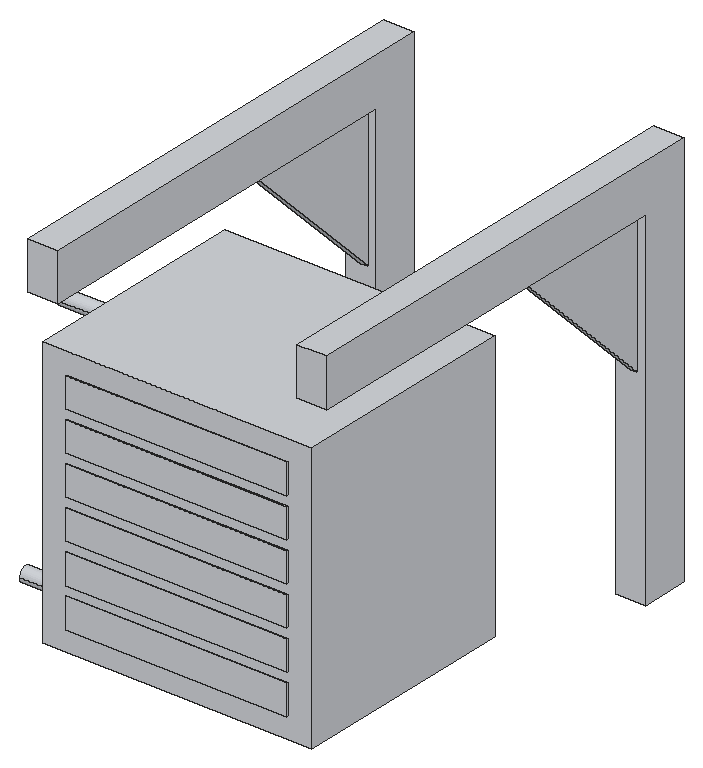
Revit family "Mark Tanner MDA verwarmer wandmontage", category Mechanical Equipment, Revit 2017
Family settings
  Round Connector Dimension = Use Diameter
  Part Type = Normal
  OmniClass Number = 23.75.00.00
  OmniClass Title = Climate Control (HVAC)
  Work Plane-Based = No
  Always vertical = Yes
  Cut with Voids When Loaded = No
  Shared = No
  Room Calculation Point = No
Parameters (values of type "TYPE CATALOG")
  voltage = 0 V
  vermogen = 0 W
  schijnbaar_vermogen = voltage * nominale stroom  # 0 VA
  nominale stroom = 0 A
  lengte = l1  # 450 mm
  l2 = 450 mm
  l1 = h1  # 450 mm
  hoogte = h1  # 450 mm
  h1 = 450 mm
  gewicht = ""
  elektrisch_vermogen = 0 W
  debiet = 0.0 m³/h
  con 1_RN = con 1_DN / 2  # 12.5 mm
  con 1_DN = 25 mm
  breedte = b1  # 380 mm
  b1 = 380 mm
  artikelnummer = ""
  aantal_polen = 1
  URL = "http://www.mark.nl/producten/"
  Type Comments = "MDA 121, 2 rijige wisselaar, 1 fase 230V fan, ,waterzijdige aansluiting 1"
  Model = "MDA 100"
  Manufacturer = "Mark"  # constant formula
Reference planes
  plane 1 "Center (Front/Back)": y = 0
  plane 2: z = 0
  plane 3 "Center (Left/Right)": x = 0
  plane 4: x = -225
  plane 5: x = 225
  plane 6: y = -744
  plane 7: z = -145
Lines and regions (mm)
  reference lines
    curve 1: line (0, 0, 0) -> (0, -744, 0)
Dimensions and locks
  equal spacing: plane 4, plane 3 "Center (Left/Right)", plane 5
  "l1": plane 4 to plane 5
  plane 2 to plane 7 = 145 mm
  locked: curve 1 to curve 1 at 744
  aligned and locked: level to plane 2
  aligned and locked: plane 1 "Center (Front/Back)" to curve 1
  aligned and locked: plane 2 to curve 1
Nested families
  nested 1: "Wand console" at (0, 0, 0), l1 <- "l2", type "Wand console"
    with l1 450 mm
  nested 2: "Verwarmer" at (0, -744, -145), b1 <- "b1", h1 <- "h1", l1 <- "l1", r1 <- "con 1_RN", type "MDA 100"
    with r1 12.5 mm, l1 450 mm, h1 450 mm, b1 380 mm, b 370 mm, aantal 6, a 380 mm
Connectors
  piping at (-317, -584, -180.5), diameter 25, driven by "con 1_DN"
    settings: on nested 2, index 1, connector inside diameter 609.6 mm, connector length 0 mm, flow factor 0, pipe flow 0.0 L/s, pressure drop 0.0 Pa, fitting loss kfactor 0, connector angle 0.00°, fixture units 0, engagement length 0 mm, angle of deflection 0.00°, flow configuration 0, flow direction 2, fitting loss method 0, system type 8, joint type 0, gender type 0, connector reference index -1, connector utility 0, adjustable connector no, is connector primary yes, connector description "retour"
  piping at (-317, -664, -559.5), diameter 25, driven by "con 1_DN"
    settings: on nested 2, index 2, connector inside diameter 609.6 mm, connector length 0 mm, flow factor 0, pipe flow 0.0 L/s, pressure drop 0.0 Pa, fitting loss kfactor 0, connector angle 0.00°, fixture units 0, engagement length 0 mm, angle of deflection 0.00°, flow configuration 0, flow direction 1, fitting loss method 0, system type 7, joint type 0, gender type 0, connector reference index -1, connector utility 0, adjustable connector no, is connector primary no, connector description "aanvoer"
  electrical at (0, -554, -145), driven by "aantal_polen", driven by "voltage", driven by "schijnbaar_vermogen"
    settings: on nested 2, index 3, voltage 0 V, apparent load 0 VA, apparent load phase1 0 VA, apparent load phase2 0 VA, apparent load phase3 0 VA, power factor 1, load classification "Other", number of poles 1, system type 30, power factor state 1, is connector primary yes, connector utility no, sub classification motor no, connector description ""
Definition of nested family "Wand console"
  Parameters (values of type "Family2")
    l1 [instance] = 1000 mm
    artikelnummer = "5064050"  # constant formula
    URL = "http://www.mark.nl/producten/"
    Manufacturer = "Mark"  # constant formula
    Description = "wand console"  # constant formula
  Reference planes
    plane 1 "Center (Front/Back)": y = 0
    plane 2: z = 0
    plane 3 "Center (Left/Right)": x = 0
    plane 4: x = -500
    plane 5: x = 500
  Forms (mm)
    Sweep 1, solid
      path origin (-500, 364.325, 1200) x (0, 1, 0) y (0, 0, 1)
        loop
          line (-364.325, -1864) -> (-364.325, -1200) -> (-1108.325, -1200)
      profile origin (-500, 0, -332) x (0, -1, 0) y (1, 0, 0)
        loop
          line (0, 25) -> (0, -25) -> (80, -25) -> (80, 25) -> (0, 25)
    Sweep 2, solid
      path origin (500, 364.325, 1200) x (0, 1, 0) y (0, 0, 1)
        loop
          line (-364.325, -1864) -> (-364.325, -1200) -> (-1108.325, -1200)
      profile origin (500, 0, -332) x (0, -1, 0) y (1, 0, 0)
        loop
          line (0, 25) -> (0, -25) -> (80, -25) -> (80, 25) -> (0, 25)
    Extrusion 3, solid
      sketch origin (-500, 364.325, 1200) x (0, 1, 0) y (0, 0, 1)
        loop
          line (-444.325, -1280) -> (-684.325, -1280) -> (-444.325, -1520) -> (-444.325, -1280)
      from 0 to 11.053
    Extrusion 4, solid
      sketch origin (500, 364.325, 1200) x (0, 1, 0) y (0, 0, 1)
        loop
          line (-444.325, -1280) -> (-684.325, -1280) -> (-444.325, -1520) -> (-444.325, -1280)
      from 0 to 11.053
  Dimensions and locks
    equal spacing: plane 4, plane 3 "Center (Left/Right)", plane 5
    "l1": plane 4 to plane 5
    equal spacing: Sweep 1 sketch curve, plane 4, Sweep 1 sketch curve
    locked: Sweep 1 sketch curve to Sweep 1 sketch curve at 50
    locked: Sweep 2 sketch curve to Sweep 2 sketch curve at 50
    equal spacing: Sweep 2 sketch curve, plane 5, Sweep 2 sketch curve
    aligned and locked: level to plane 2
  Automatic sketch dimensions
    Sweep 1 sketch curve to level = 0 mm
    Sweep 1 sketch curve to plane 1 "Center (Front/Back)" = 0 mm
    plane 1 "Center (Front/Back)" to Sweep 1 sketch curve = 744 mm
    Sweep 1 sketch curve to level = 664 mm
    Sweep 1 sketch curve to profile plane = 0 mm
    Sweep 1 sketch curve to Sweep 1 sketch curve = 80 mm
    Sweep 2 sketch curve to level = 0 mm
    Sweep 2 sketch curve to plane 1 "Center (Front/Back)" = 0 mm
    Sweep 2 sketch curve to Sweep 2 sketch curve = 744 mm
    Sweep 2 sketch curve to level = 664 mm
    Sweep 2 sketch curve to profile plane = 0 mm
    Sweep 2 sketch curve to Sweep 2 sketch curve = 80 mm
    Extrusion 3 sketch curve to level = 80 mm
    plane 1 "Center (Front/Back)" to Extrusion 3 sketch curve = 320 mm
    plane 1 "Center (Front/Back)" to Extrusion 3 sketch curve = 80 mm
    Extrusion 3 sketch curve to Extrusion 3 sketch curve = 240 mm
    Extrusion 4 sketch curve to level = 80 mm
    plane 1 "Center (Front/Back)" to Extrusion 4 sketch curve = 320 mm
    plane 1 "Center (Front/Back)" to Extrusion 4 sketch curve = 80 mm
    Extrusion 4 sketch curve to Extrusion 4 sketch curve = 240 mm
Definition of nested family "Verwarmer"
  Parameters (values of type "MDA 100")
    r1 [instance] = 12.5 mm
    l1 [instance] = 450 mm
    h1 [instance] = 450 mm
    b1 [instance] = 380 mm
    b [instance] = l1 - 80 mm  # 370 mm
    aantal [instance] = a / 60 mm  # 6
    a [instance] = h1 - 70 mm  # 380 mm
    Default Elevation = 1219.2 mm
  Reference planes
    plane 1 "Center (Front/Back)": y = 0
    plane 2: z = 0
    plane 3 "Center (Left/Right)": x = 0
    plane 4: x = -225
    plane 5: x = 225
    plane 6: y = 0
    plane 7: y = 380
    plane 8: z = 0
    plane 9: z = -35.5
    plane 10: z = -414.5
    plane 11: y = 160
    plane 12: y = 80
    plane 13: z = -450
    plane 14: x = 185
    plane 15: x = -185
    plane 16: z = -225
  Forms (mm)
    Extrusion 1, solid
      sketch origin (554.392, 0, 0) x (1, 0, 0) y (0, 1, 0)
        loop
          line (-779.392, 380) -> (-779.392, 0) -> (-329.392, 0) -> (-329.392, 380) -> (-779.392, 380)
      from -450 to 0
    Sweep 2, solid
      path origin (0, 0, 0) x (1, 0, 0) y (0, 1, 0)
        loop
          line (-317, 80) -> (-225, 80)
      profile origin (-271, 80, 0) x (0, 1, 0) y (0, 0, 1)
        loop
          circle (0, -414.5) r 12.5
    Sweep 3, solid
      path origin (-1340.061, -1524, -35.5) x (-1, 0, 0) y (0, -1, 0)
        loop
          line (-1023.061, -1684) -> (-1115.061, -1684)
      profile origin (-271, 160, -35.5) x (0, 1, 0) y (0, 0, 1)
        loop
          circle (0, 0) r 12.5
  Dimensions and locks
    "b1": plane 6 to plane 7
    "l1": plane 4 to plane 5
    equal spacing: plane 4, plane 3 "Center (Left/Right)", plane 5
    locked: plane 6 to plane 12 at 80
    locked: plane 11 to plane 6 at 160
    locked: Sweep 2 sketch curve to Sweep 2 sketch curve at 92
    "h1": plane 8 to plane 13
    locked: plane 10 to plane 13 at 35.5
    locked: plane 8 to plane 9 at 35.5
    equal spacing: plane 14, plane 3 "Center (Left/Right)", plane 15
    "b": plane 14 to plane 15
    equal spacing: group 1, group 3, group 4, group 5, group 6, group 2  (x2)
    equal spacing: group 2, group 6, group 5, group 4, group 3, group 1
    "a": plane 9 to nested 2
    equal spacing: plane 8, plane 16, plane 13
    "r1": radius of Sweep 2 sketch curve
    "r1": radius of Sweep 3 sketch curve
    aligned and locked: level to plane 2
    aligned and locked: plane 7 to Extrusion 1 sketch curve
    aligned and locked: Extrusion 1 sketch curve to plane 5
    aligned and locked: plane 6 to Extrusion 1 sketch curve
    aligned and locked: plane 4 to Extrusion 1 sketch curve
    aligned and locked: plane 8 to Extrusion 1
    aligned and locked: plane 12 to Sweep 2 sketch curve
    aligned and locked: Sweep 3 sketch curve to plane 11
    aligned and locked: plane 4 to Sweep 3 sketch curve
    aligned and locked: Sweep 2 to Sweep 3 sketch curve
    aligned and locked: plane 9 to Sweep 3 sketch curve
    aligned and locked: plane 10 to Sweep 2 sketch curve
    aligned and locked: Extrusion 1 to plane 13
  Automatic sketch dimensions
    plane 4 to Sweep 2 sketch curve = 0 mm
    Sweep 2 sketch curve to profile plane = 0 mm
    Sweep 3 sketch curve to profile plane = 0 mm
  Nested families
    nested 1: "Family4" at (0, 0, -35.5), a <- "b", type "Family4"
      with a 370 mm
    nested 2: "Family4" at (0, 0, -365.5), a <- "b", type "Family4"
      with a 370 mm
    nested 3: "Family4" at (0, 0, -101.5), a <- "b", type "Family4"
      with a 370 mm
    nested 4: "Family4" at (0, 0, -167.5), a <- "b", type "Family4"
      with a 370 mm
    nested 5: "Family4" at (0, 0, -233.5), a <- "b", type "Family4"
      with a 370 mm
    nested 6: "Family4" at (0, 0, -299.5), a <- "b", type "Family4"
      with a 370 mm
  Definition of nested family "Family4"
    Parameters (values of type "Family4")
      a [instance] = 304.784 mm
    Reference planes
      plane 1 "Center (Front/Back)": y = 0
      plane 2: z = 0
      plane 3 "Center (Left/Right)": x = 0
    Forms (mm)
      Extrusion 1, solid
        sketch origin (0, 0, 0) x (1, 0, 0) y (0, 0, 1)
          loop
            line (-152.392, 0) -> (-152.392, -50) -> (152.392, -50) -> (152.392, 0) -> (-152.392, 0)
        from -1 to 2
    Dimensions and locks
      "a": Extrusion 1 sketch curve to Extrusion 1 sketch curve
      equal spacing: Extrusion 1 sketch curve, plane 3 "Center (Left/Right)", Extrusion 1 sketch curve
      Extrusion 1 sketch curve to Extrusion 1 sketch curve = 50 mm
      aligned and locked: level to plane 2
    Automatic sketch dimensions
      Extrusion 1 sketch curve to level = 0 mm
Types in the file's own list only (42): name | voltage | vermogen | schijnbaar_vermogen | nominale stroom | lengte | l2 | l1 | hoogte | h1 | gewicht | elektrisch_vermogen | debiet | con 1_RN | con 1_DN | breedte | b1 | artikelnummer | aantal_polen | URL | Type Comments | Model
  Tanner MDA 121L | 230 V | 14500 W | 108 VA | 0 A | 450 mm | 387 mm | 450 mm | 450 mm | 450 mm | "22" | 90 W | 5742.0 m³/h | 13 mm | 25 mm | 380 mm | 380 mm | "MDA 121L" | 1 | "http://www.mark.nl/luchtverwarming/watergevoed/tanner-mda/" | "MDA 121 ( 2 rijige wisselaar 1 fase 230 V fan waterzijdige aansluiting 1  laag toerental )" | "MDA 100"
  Tanner MDA 131L | 230 V | 17000 W | 108 VA | 0 A | 450 mm | 387 mm | 450 mm | 450 mm | 450 mm | "23" | 90 W | 5205.6 m³/h | 13 mm | 25 mm | 380 mm | 380 mm | "MDA 131L" | 1 | "http://www.mark.nl/luchtverwarming/watergevoed/tanner-mda/" | "MDA 131 ( 3 rijige wisselaar  1 fase 230 V fan waterzijdige aansluiting 1 laag toerental)" | "MDA 100"
  Tanner MDA 141L | 230 V | 19000 W | 108 VA | 0 A | 450 mm | 387 mm | 450 mm | 450 mm | 450 mm | "24" | 90 W | 4554.0 m³/h | 13 mm | 25 mm | 380 mm | 380 mm | "MDA 141L" | 1 | "http://www.mark.nl/luchtverwarming/watergevoed/tanner-mda/" | "MDA 131 ( 4 rijige wisselaar  1 fase 230 V fan waterzijdige aansluiting 1 laag toerental)" | "MDA 100"
  Tanner MDA 211L | 230 V | 14100 W | 117 VA | 1 A | 580 mm | 517 mm | 580 mm | 580 mm | 580 mm | "30" | 120 W | 10098.0 m³/h | 13 mm | 25 mm | 385 mm | 385 mm | "MDA 211L" | 1 | "http://www.mark.nl/luchtverwarming/watergevoed/tanner-mda/" | "MDA 211 ( 1 rijige wisselaar  1 fase 230 V fanwaterzijdige aansluiting 1 laag toerental)" | "MDA 200"
  Tanner MDA 221L | 230 V | 25100 W | 117 VA | 1 A | 580 mm | 517 mm | 580 mm | 580 mm | 580 mm | "32" | 120 W | 9561.6 m³/h | 13 mm | 25 mm | 385 mm | 385 mm | "MDA 221L" | 1 | "http://www.mark.nl/luchtverwarming/watergevoed/tanner-mda/" | "MDA 221 ( 2 rijige wisselaar  1 fase 230 V fan waterzijdige aansluiting 1 laag toerental)" | "MDA 200"
  Tanner MDA 231L | 230 V | 30800 W | 117 VA | 1 A | 580 mm | 517 mm | 580 mm | 580 mm | 580 mm | "34" | 120 W | 8571.6 m³/h | 13 mm | 25 mm | 385 mm | 385 mm | "MDA 231L" | 1 | "http://www.mark.nl/luchtverwarming/watergevoed/tanner-mda/" | "MDA 231 ( 3 rijige wisselaar  1 fase 230 V fan waterzijdige aansluiting 1 laag toerental)" | "MDA 200"
  Tanner MDA 241L | 230 V | 33300 W | 117 VA | 1 A | 580 mm | 517 mm | 580 mm | 580 mm | 580 mm | "36" | 120 W | 8028.0 m³/h | 13 mm | 25 mm | 385 mm | 385 mm | "MDA 241L" | 1 | "http://www.mark.nl/luchtverwarming/watergevoed/tanner-mda/" | "MDA 241 ( 4 rijige wisselaar  1 fase 230 V fan waterzijdige aansluiting 1 laag toerental)" | "MDA 200"
  Tanner MDA 321L | 230 V | 52700 W | 391 VA | 2 A | 730 mm | 667 mm | 730 mm | 730 mm | 730 mm | "43" | 330 W | 23382.0 m³/h | 13 mm | 25 mm | 385 mm | 385 mm | "MDA 321L" | 1 | "http://www.mark.nl/luchtverwarming/watergevoed/tanner-mda/" | "MDA 321 ( 2 rijige wisselaar  1 fase 230 V fan waterzijdige aansluiting 1 laag toerental)" | "MDA 300"
  Tanner MDA 331L | 230 V | 65900 W | 391 VA | 2 A | 730 mm | 667 mm | 730 mm | 730 mm | 730 mm | "46" | 330 W | 21085.2 m³/h | 16 mm | 32 mm | 385 mm | 385 mm | "MDA 331L" | 1 | "http://www.mark.nl/luchtverwarming/watergevoed/tanner-mda/" | "MDA 331 ( 3 rijige wisselaar  1 fase 230 V fan waterzijdige aansluiting 11/4 laag toerental)" | "MDA 300"
  Tanner MDA 341L | 230 V | 72100 W | 391 VA | 2 A | 730 mm | 667 mm | 730 mm | 730 mm | 730 mm | "49" | 330 W | 19522.8 m³/h | 16 mm | 32 mm | 385 mm | 385 mm | "MDA 341L" | 1 | "http://www.mark.nl/luchtverwarming/watergevoed/tanner-mda/" | "MDA 341 ( 4 rijige wisselaar  1 fase 230 V fan waterzijdige aansluiting 11/4 laag toerental)" | "MDA 300"
  Tanner MDA 411L | 230 V | 42500 W | 598 VA | 3 A | 860 mm | 667 mm | 860 mm | 860 mm | 860 mm | "51" | 550 W | 37152.0 m³/h | 16 mm | 32 mm | 405 mm | 405 mm | "MDA 411L" | 1 | "http://www.mark.nl/luchtverwarming/watergevoed/tanner-mda/" | "MDA 411 ( 1 rijige wisselaar  1 fase 230 V fanwaterzijdige aansluiting 11/4 laag toerental)" | "MDA 400"
  Tanner MDA 421L | 230 V | 80000 W | 598 VA | 3 A | 860 mm | 667 mm | 860 mm | 860 mm | 860 mm | "55" | 550 W | 35758.8 m³/h | 16 mm | 32 mm | 405 mm | 405 mm | "MDA 421L" | 1 | "http://www.mark.nl/luchtverwarming/watergevoed/tanner-mda/" | "MDA 421 ( 2 rijige wisselaar  1 fase 230 V fanwaterzijdige aansluiting 11/4 laag toerental)" | "MDA 400"
  Tanner MDA 431L | 230 V | 101000 W | 598 VA | 3 A | 860 mm | 667 mm | 860 mm | 860 mm | 860 mm | "59" | 550 W | 31737.6 m³/h | 20 mm | 40 mm | 405 mm | 405 mm | "MDA 431L" | 1 | "http://www.mark.nl/luchtverwarming/watergevoed/tanner-mda/" | "MDA 431 ( 3 rijige wisselaar  1 fase 230 V fanwaterzijdige aansluiting 11/2 laag toerental)" | "MDA 400"
  Tanner MDA 441L | 230 V | 110000 W | 598 VA | 3 A | 860 mm | 667 mm | 860 mm | 860 mm | 860 mm | "63" | 550 W | 29581.2 m³/h | 20 mm | 40 mm | 405 mm | 405 mm | "MDA 441L" | 1 | "http://www.mark.nl/luchtverwarming/watergevoed/tanner-mda/" | "MDA 441 ( 4 rijige wisselaar  1 fase 230 V fanwaterzijdige aansluiting 11/2 laag toerental)" | "MDA 400"
  Tanner MDA 121H | 230 V | 18000 W | 154 VA | 1 A | 450 mm | 387 mm | 450 mm | 450 mm | 450 mm | "22" | 150 W | 8514.0 m³/h | 13 mm | 25 mm | 380 mm | 380 mm | "MDA 121H" | 1 | "http://www.mark.nl/luchtverwarming/watergevoed/tanner-mda/" | "MDA 121 ( 2 rijige wisselaar  1 fase 230 V fan waterzijdige aansluiting 1 hoog toerental)" | "MDA 100"
  Tanner MDA 131H | 230 V | 22100 W | 154 VA | 1 A | 450 mm | 387 mm | 450 mm | 450 mm | 450 mm | "23" | 150 W | 8078.4 m³/h | 13 mm | 25 mm | 380 mm | 380 mm | "MDA 131H" | 1 | "http://www.mark.nl/luchtverwarming/watergevoed/tanner-mda/" | "MDA 131 ( 3 rijige wisselaar  1 fase 230 V fan waterzijdige aansluiting 1 hoog toerental)" | "MDA 100"
  Tanner MDA 141H | 230 V | 25100 W | 154 VA | 1 A | 450 mm | 387 mm | 450 mm | 450 mm | 450 mm | "24" | 150 W | 6890.4 m³/h | 13 mm | 25 mm | 380 mm | 380 mm | "MDA 141H" | 1 | "http://www.mark.nl/luchtverwarming/watergevoed/tanner-mda/" | "MDA 131 ( 4 rijige wisselaar  1 fase 230 V fan waterzijdige aansluiting 1 hoog toerental)" | "MDA 100"
  Tanner MDA 211H | 230 V | 17200 W | 311 VA | 1 A | 580 mm | 517 mm | 580 mm | 580 mm | 580 mm | "30" | 280 W | 16020.0 m³/h | 13 mm | 25 mm | 385 mm | 385 mm | "MDA 211H" | 1 | "http://www.mark.nl/luchtverwarming/watergevoed/tanner-mda/" | "MDA 211 ( 1 rijige wisselaar  1 fase 230 V fan waterzijdige aansluiting 1 hoog toerental)" | "MDA 200"
  Tanner MDA 221H | 230 V | 32400 W | 311 VA | 1 A | 580 mm | 517 mm | 580 mm | 580 mm | 580 mm | "32" | 280 W | 15127.2 m³/h | 13 mm | 25 mm | 385 mm | 385 mm | "MDA 221H" | 1 | "http://www.mark.nl/luchtverwarming/watergevoed/tanner-mda/" | "MDA 221 ( 2 rijige wisselaar  1 fase 230 V fan waterzijdige aansluiting 1 hoog toerental)" | "MDA 200"
  Tanner MDA 231H | 230 V | 42000 W | 311 VA | 1 A | 580 mm | 517 mm | 580 mm | 580 mm | 580 mm | "34" | 280 W | 14155.2 m³/h | 13 mm | 25 mm | 385 mm | 385 mm | "MDA 231H" | 1 | "http://www.mark.nl/luchtverwarming/watergevoed/tanner-mda/" | "MDA 231 ( 3 rijige wisselaar  1 fase 230 V fan waterzijdige aansluiting 1 hoog toerental)" | "MDA 200"
  Tanner MDA 241H | 230 V | 46600 W | 311 VA | 1 A | 580 mm | 517 mm | 580 mm | 580 mm | 580 mm | "34" | 280 W | 13442.4 m³/h | 13 mm | 25 mm | 385 mm | 385 mm | "MDA 241H" | 1 | "http://www.mark.nl/luchtverwarming/watergevoed/tanner-mda/" | "MDA 241 ( 4 rijige wisselaar  1 fase 230 V fan waterzijdige aansluiting 1 hoog toerental)" | "MDA 200"
  Tanner MDA 123L | 400 V | 14500 W | 40 VA | 0 A | 450 mm | 387 mm | 450 mm | 450 mm | 450 mm | "22" | 50 W | 5742.0 m³/h | 13 mm | 25 mm | 380 mm | 380 mm | "MDA 123L" | 3 | "http://www.mark.nl/luchtverwarming/watergevoed/tanner-mda/" | "MDA 123 ( 2 rijige wisselaar  3 fase 400 V fan waterzijdige aansluiting 1 laag toerental)" | "MDA 100"
  Tanner MDA 133L | 400 V | 17000 W | 40 VA | 0 A | 450 mm | 387 mm | 450 mm | 450 mm | 450 mm | "23" | 50 W | 5205.6 m³/h | 13 mm | 25 mm | 380 mm | 380 mm | "MDA 133L" | 3 | "http://www.mark.nl/luchtverwarming/watergevoed/tanner-mda/" | "MDA 133 ( 3 rijige wisselaar  3 fase 400 V fan waterzijdige aansluiting 1 laag toerental)" | "MDA 100"
  Tanner MDA 143L | 400 V | 19000 W | 40 VA | 0 A | 450 mm | 387 mm | 450 mm | 450 mm | 450 mm | "24" | 50 W | 4554.0 m³/h | 13 mm | 25 mm | 380 mm | 380 mm | "MDA 143L" | 3 | "http://www.mark.nl/luchtverwarming/watergevoed/tanner-mda/" | "MDA 133 ( 4 rijige wisselaar  3 fase 400 V fan waterzijdige aansluiting 1 laag toerental)" | "MDA 100"
  Tanner MDA 213L | 400 V | 14800 W | 120 VA | 0 A | 580 mm | 517 mm | 580 mm | 580 mm | 580 mm | "30" | 120 W | 10980.0 m³/h | 13 mm | 25 mm | 385 mm | 385 mm | "MDA 213L" | 3 | "http://www.mark.nl/luchtverwarming/watergevoed/tanner-mda/" | "MDA 213 ( 1 rijige wisselaar  3 fase 400 V fan waterzijdige aansluiting 1 laag toerental)" | "MDA 200"
  Tanner MDA 223L | 400 V | 26200 W | 120 VA | 0 A | 580 mm | 517 mm | 580 mm | 580 mm | 580 mm | "32" | 120 W | 10314.0 m³/h | 13 mm | 25 mm | 385 mm | 385 mm | "MDA 223L" | 3 | "http://www.mark.nl/luchtverwarming/watergevoed/tanner-mda/" | "MDA 223 ( 2 rijige wisselaar  3 fase 400 V fan waterzijdige aansluiting 1 laag toerental)" | "MDA 200"
  Tanner MDA 233L | 400 V | 32400 W | 120 VA | 0 A | 580 mm | 517 mm | 580 mm | 580 mm | 580 mm | "34" | 120 W | 9266.4 m³/h | 13 mm | 25 mm | 385 mm | 385 mm | "MDA 233L" | 3 | "http://www.mark.nl/luchtverwarming/watergevoed/tanner-mda/" | "MDA 233 ( 3 rijige wisselaar  3 fase 400 V fan waterzijdige aansluiting 1 laag toerental)" | "MDA 200"
  Tanner MDA 243L | 400 V | 35100 W | 120 VA | 0 A | 580 mm | 517 mm | 580 mm | 580 mm | 580 mm | "36" | 120 W | 8690.4 m³/h | 13 mm | 25 mm | 385 mm | 385 mm | "MDA 243L" | 3 | "http://www.mark.nl/luchtverwarming/watergevoed/tanner-mda/" | "MDA 243 ( 4 rijige wisselaar  3 fase 400 V fan waterzijdige aansluiting 1 laag toerental)" | "MDA 200"
  Tanner MDA 323L | 400 V | 52700 W | 272 VA | 1 A | 730 mm | 667 mm | 730 mm | 730 mm | 730 mm | "43" | 280 W | 23382.0 m³/h | 13 mm | 25 mm | 385 mm | 385 mm | "MDA 323L" | 3 | "http://www.mark.nl/luchtverwarming/watergevoed/tanner-mda/" | "MDA 323 ( 2 rijige wisselaar  3 fase 400 V fan  waterzijdige aansluiting 1 laag toerental)" | "MDA 300"
  Tanner MDA 333L | 400 V | 65900 W | 272 VA | 1 A | 730 mm | 667 mm | 730 mm | 730 mm | 730 mm | "46" | 280 W | 21085.2 m³/h | 16 mm | 32 mm | 385 mm | 385 mm | "MDA 333L" | 3 | "http://www.mark.nl/luchtverwarming/watergevoed/tanner-mda/" | "MDA 333 ( 3 rijige wisselaar  3 fase 400 V fan  waterzijdige aansluiting 11/4 laag toerental)" | "MDA 300"
  Tanner MDA 343L | 400 V | 72100 W | 272 VA | 1 A | 730 mm | 667 mm | 730 mm | 730 mm | 730 mm | "46" | 280 W | 19522.8 m³/h | 16 mm | 32 mm | 385 mm | 385 mm | "MDA 343L" | 3 | "http://www.mark.nl/luchtverwarming/watergevoed/tanner-mda/" | "MDA 343 ( 4 rijige wisselaar  3 fase 400 V fan  waterzijdige aansluiting 11/4 laag toerental)" | "MDA 300"
  Tanner MDA 413L | 400 V | 45200 W | 620 VA | 2 A | 860 mm | 667 mm | 860 mm | 860 mm | 860 mm | "52" | 510 W | 41760.0 m³/h | 16 mm | 32 mm | 405 mm | 405 mm | "MDA 413L" | 3 | "http://www.mark.nl/luchtverwarming/watergevoed/tanner-mda/" | "MDA 413 ( 1 rijige wisselaar  3 fase 400 V fan  waterzijdige aansluiting 11/4 laag toerental)" | "MDA 400"
  Tanner MDA 423L | 400 V | 84000 W | 400 VA | 1 A | 860 mm | 667 mm | 860 mm | 860 mm | 860 mm | "52" | 510 W | 39124.8 m³/h | 16 mm | 32 mm | 405 mm | 405 mm | "MDA 423L" | 3 | "http://www.mark.nl/luchtverwarming/watergevoed/tanner-mda/" | "MDA 423 ( 2 rijige wisselaar  3 fase 400 V fan  waterzijdige aansluiting 11/4 laag toerental)" | "MDA 400"
  Tanner MDA 433L | 400 V | 107000 W | 400 VA | 1 A | 860 mm | 667 mm | 860 mm | 860 mm | 860 mm | "61" | 510 W | 35046.0 m³/h | 20 mm | 40 mm | 405 mm | 405 mm | "MDA 433L" | 3 | "http://www.mark.nl/luchtverwarming/watergevoed/tanner-mda/" | "MDA 433 ( 3 rijige wisselaar  3 fase 400 V fan  waterzijdige aansluiting 11/2 laag toerental)" | "MDA 400"
  Tanner MDA 443L | 400 V | 117000 W | 400 VA | 1 A | 860 mm | 667 mm | 860 mm | 860 mm | 860 mm | "64" | 510 W | 32630.4 m³/h | 20 mm | 40 mm | 405 mm | 405 mm | "MDA 443L" | 3 | "http://www.mark.nl/luchtverwarming/watergevoed/tanner-mda/" | "MDA 443 ( 4 rijige wisselaar  3 fase 400 V fan  waterzijdige aansluiting 11/2 laag toerental)" | "MDA 400"
  Tanner MDA 123H | 230 V | 18000 W | 58 VA | 0 A | 450 mm | 387 mm | 450 mm | 450 mm | 450 mm | "22" | 150 W | 8514.0 m³/h | 13 mm | 25 mm | 380 mm | 380 mm | "MDA 123H" | 1 | "http://www.mark.nl/luchtverwarming/watergevoed/tanner-mda/" | "MDA 123 ( 2 rijige wisselaar  3 fase 400 V fan waterzijdige aansluiting 1 hoog toerental)" | "MDA 100"
  Tanner MDA 133H | 230 V | 22100 W | 58 VA | 0 A | 450 mm | 387 mm | 450 mm | 450 mm | 450 mm | "23" | 150 W | 8078.4 m³/h | 13 mm | 25 mm | 380 mm | 380 mm | "MDA 133H" | 1 | "http://www.mark.nl/luchtverwarming/watergevoed/tanner-mda/" | "MDA 133 ( 3 rijige wisselaar  3 fase 400 V fan waterzijdige aansluiting 1 hoog toerental)" | "MDA 100"
  Tanner MDA 143H | 230 V | 25100 W | 58 VA | 0 A | 450 mm | 387 mm | 450 mm | 450 mm | 450 mm | "24" | 150 W | 6890.4 m³/h | 13 mm | 25 mm | 380 mm | 380 mm | "MDA 143H" | 1 | "http://www.mark.nl/luchtverwarming/watergevoed/tanner-mda/" | "MDA 133 ( 4 rijige wisselaar  3 fase 400 V fan waterzijdige aansluiting 1 hoog toerental)" | "MDA 100"
  Tanner MDA 213H | 230 V | 17200 W | 154 VA | 1 A | 580 mm | 517 mm | 580 mm | 580 mm | 580 mm | "30" | 280 W | 16020.0 m³/h | 13 mm | 25 mm | 385 mm | 385 mm | "MDA 213H" | 1 | "http://www.mark.nl/luchtverwarming/watergevoed/tanner-mda/" | "MDA 213 ( 1 rijige wisselaar  3 fase 400 V fan waterzijdige aansluiting 1 hoog toerental)" | "MDA 200"
  Tanner MDA 223H | 230 V | 32400 W | 154 VA | 1 A | 580 mm | 517 mm | 580 mm | 580 mm | 580 mm | "32" | 280 W | 15127.2 m³/h | 13 mm | 25 mm | 385 mm | 385 mm | "MDA 223H" | 1 | "http://www.mark.nl/luchtverwarming/watergevoed/tanner-mda/" | "MDA 223 ( 2 rijige wisselaar  3 fase 400 V fan waterzijdige aansluiting 1 hoog toerental)" | "MDA 200"
  Tanner MDA 233H | 230 V | 42000 W | 154 VA | 1 A | 580 mm | 517 mm | 580 mm | 580 mm | 580 mm | "34" | 280 W | 14155.2 m³/h | 13 mm | 25 mm | 385 mm | 385 mm | "MDA 233H" | 1 | "http://www.mark.nl/luchtverwarming/watergevoed/tanner-mda/" | "MDA 233 ( 3 rijige wisselaar  3 fase 400 V fan waterzijdige aansluiting 1 hoog toerental)" | "MDA 200"
  Tanner MDA 243H | 230 V | 46600 W | 154 VA | 1 A | 580 mm | 517 mm | 580 mm | 580 mm | 580 mm | "34" | 280 W | 13442.4 m³/h | 13 mm | 25 mm | 385 mm | 385 mm | "MDA 243H" | 1 | "http://www.mark.nl/luchtverwarming/watergevoed/tanner-mda/" | "MDA 243 ( 4 rijige wisselaar  3 fase 400 V fan waterzijdige aansluiting 1 hoog toerental)" | "MDA 200"
